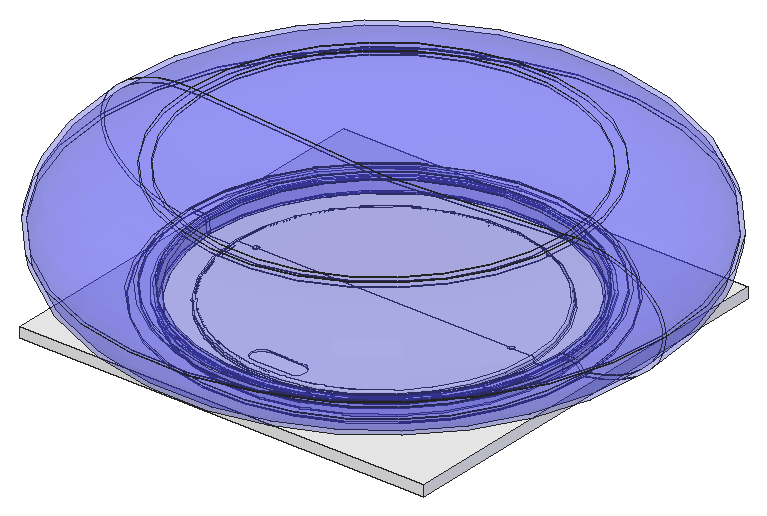
Revit family "BE_12162_de_DE", category Leuchten, Revit 2020
Family settings
  Basisbauteil = Fläche
  Bemaßung runder Anschluss = Durchmesser verwenden
  Teiletyp = Normal
  Beim Laden mit Abzugskörper schneiden = Ja
  Lichtquelle = Ja
  Gemeinsam genutzt = Nein
  Raumberechnungspunkt = Ja
Parameters (values of type "BEGA_12162_K3")
  built-in parameter 1150104 = 12.104 (stored number, unit not read)
  Wattage = 37.8 W
  Default Elevation = 0 mm
  built-in parameter 1150113 = 1 (stored number, unit not read)
  built-in parameter 1114218 = 1 (stored number, unit not read)
  Umgebungstemperatur = ""
  URL = "http://www.bega.de/de/produkt/12162"
  Typenkommentare = "© 2022 BEGA. Wir behalten uns das Recht vor, technische Änderungen ohne vorherige Ankündigung vorzunehmen."  # constant formula
  built-in parameter 1150134 = 12
  built-in parameter 1150109 = 1 (stored number, unit not read)
  Strom = ""
  built-in parameter 1150110 = 1 (stored number, unit not read)
  Spannung = 239.996 V
  Sonderanfertigung = no
  Seriennummer [instance] = "Hier können Sie die eindeutige Seriennummer für das Facility Management eintragen."
  Schutzklasse = "I"
  Schutzart = "IP 20"
  Scheinlast = 0 VA
  Produktdatenblatt = "http://www.bega.de/download/Xrfa/db/12162.db.de.pdf"
  Oberflächentemperatur = ""
  Neigungswinkel = 0.00°
  Model = "12162K4"
  Material_17 = BEGA_Reflektor
  Material_15 = BEGA_Leuchtmedium_matt
  Material_11 = BEGA_Glas_opal
  Material_09 = BEGA_Glas_klar
  Material_06 = BEGA_Oberfläche_Edelstahl_gebürstet
  Material_05 = BEGA_Oberfläche_Aluminium Guss
  Material_03 = BEGA_Oberfläche_Weiss_matt
  Material_02 = BEGA_Oberfläche_Silber_matt
  Material_01 [instance] = BEGA_Oberfläche_Grafit_matt
  M_W = no
  M_G = no
  M_A = no
  Logo = 0
  built-in parameter 1114217 = 1 (stored number, unit not read)
  built-in parameter 1150139 = (empty or 0)
  built-in parameter 1150105 = 1256.6 (stored number, unit not read)
  built-in parameter 1150114 = 1 (stored number, unit not read)
  Lumens = 4924.96 lm
  built-in parameter 1150115 = 1 (stored number, unit not read)
  Leuchtenlichtstrom = "3498 lm"
  Leuchtenanzahl = ""
  Lebensdauerkriterien = "L70B50 @ 25 °C = 152000 h"
  Lastklassifizierung = Beleuchtung
  built-in parameter 1150112 = 1 (stored number, unit not read)
  Lampenlichtstrom = "4925 lm"
  Lamp = "LED 37.8 W"
  LED_Modulbezeichnung = "LED-0531/940"
  Hersteller = "BEGA"  # constant formula
  Halbstreuwinkel = ""
  Gewicht = "7.5 kg"
  Gebrauchslageneinschränkung [instance] = ""
  Frequenz = "0/50-60 Hz"
  Farbwiedergabeindex = "CRI > 90"
  Farbtemperaturverschiebung bei Dämpfen der Lampe = <Keine Auswahl>
  Farbtemperatur = "4000 K"
  Color Filter = 16777215
  built-in parameter 1150133 = 10 (stored number, unit not read)
  Energieeffizienzklasse = "LED A++ - A"
  built-in parameter 1150137 = (empty or 0)
  built-in parameter 1150132 = (empty or 0)
  ENEC = "ja"
  Dimmbar [instance] = "DALI"
  Photometric Web File = "BE_12162K4.IES"
  CE_Konformität = "ja"
  Bestellnummer = "12162K4"
  Beschreibung_Sonderanfertigung = "Hier können Sie Informationen zur Sonderanfertigung eintragen."
  Beschreibung = "Decken- und Wandleuchte"
  built-in parameter 1150106 = 12.566 (stored number, unit not read)
  Befestigungsbohrung = "Ø 5,5 mm"
  Befestigungsabstand = "253 mm"
  Ballwurfsicher = ""
  BEGA_Intern_aus = yes
  BEGA_Intern_an = yes
  BEGA_Intern_Konstruktion = yes
  BEGA_Intern = yes
  BEGA_IES = yes
  BEGA_Dummy = no
  Anschlussleitung = ""
  Anschlussleistung [instance] = "42.6 W"
  Anschlusskasten = ""
  built-in parameter 1150107 = 4000 (stored number, unit not read)
  built-in parameter 1150102 = (empty or 0)
  built-in parameter 1150138 = (empty or 0)
  Aktualisierung = "2019-07-05T04:00:16"
  Abstand_zur_angestrahlten_Fläche [instance] = ""
  AC/DC = "AC/DC"
Reference planes
  plane 1 "Mitte (Vorne/Hinten)": y = 0
  plane 2: z = 0
  plane 3 "Mitte (Links/Rechts)": x = 0
  plane 4 "Links": x = -280
  plane 5 "Rechts": x = 280
  plane 6 "Unten": y = -280
  plane 7 "Oben": y = 280
  plane 8 "Vorne": z = 127.482
  plane 9 "Hinten": z = 0
Forms (mm)
  Extrusion 1, solid, material "BEGA_Platte_Weiss"
    sketch origin (0, -1119.2, 0) x (1, 0, 0) y (0, 1, 0)
      loop
        line (-200, 1319.2) -> (-200, 919.2) -> (200, 919.2) -> (200, 1319.2) -> (-200, 1319.2)
    from 0 to -10
  Extrusion 2, solid, material "BEGA_Dummy_matt", visible <- "BEGA_Dummy"
    sketch origin (77.149, -76.023, 0) x (1, 0, 0) y (0, 1, 0)
      loop
        circle (-77.149, 76.023) r 280
    from 0 to 127.482
Dimensions and locks
  plane 1 "Mitte (Vorne/Hinten)" to Extrusion 1 = 200 mm
  aligned and locked: plane 2 to Extrusion 1
  aligned and locked: level to Extrusion 1
Nested families
  nested 1: "BE_12162" at (0, 0, 0), type "BE_12162"
Connectors
  electrical at (0, 0, 0), driven by "Lastklassifizierung", driven by "Spannung", driven by "Scheinlast"
    settings: index 1, voltage 239.996 V, apparent load 0 VA, apparent load phase1 0 VA, apparent load phase2 0 VA, apparent load phase3 0 VA, power factor 1, load classification "Beleuchtung", number of poles 1, system type 31, power factor state 1, is connector primary yes, connector utility no, sub classification motor no, connector description ""
Definition of nested family "BE_12162"
  Parameters (values of type "BE_12162")
    Default Elevation = 1 mm
    URL = "http://www.bega.de/de/produkt"
    Type Comments = "© 2015 BEGA. Wir behalten uns das Recht vor, technische Änderungen ohne vorherige Ankündigung vorzunehmen. "  # constant formula
    Type Image = (empty or 0)
    Neigungswinkel_um_Z2 = 0.00°
    Neigungswinkel_um_Z1 = 0.00°
    Neigungswinkel_um_Y2 = 0.00°
    Neigungswinkel_um_Y1 = 0.00°
    Neigungswinkel_um_X2 = 0.00°
    Neigungswinkel_um_X1 = 0.00°
    Material_17 = none
    Material_15 = none
    Material_11 = none
    Material_09 = none
    Material_06 = none
    Material_05 = none
    Material_03 = none
    Material_02 = none
    Material_01 = none
    M_W = yes
    M_G = yes
    M_A = yes
    Länge_Platte = 700 mm  # constant formula
    Höhe_Platte = -10 mm  # constant formula
    Manufacturer = "BEGA"  # constant formula
    Drehwinkel_um_Z2 = 0.00°
    Drehwinkel_um_Z1 = 0.00°
    Breite_Platte = 700 mm  # constant formula
  Reference planes
    plane 1 "Mitte (Oben/Unten)": y = 0
    plane 2: z = 0
    plane 3 "Mitte (Links/Rechts)": x = 0
    plane 4: x = 280
    plane 5: z = 127.482
    plane 6: x = -280
    plane 7: y = -280
    plane 8: y = 280
  Forms (mm)
    Extrusion 1, solid, detail levels medium
      sketch origin (0, 0, 0) x (1, 0, 0) y (0, 1, 0)
        loop
          line (-350, 350) -> (-350, -350) -> (350, -350) -> (350, 350) -> (-350, 350)
      from 0 to -10 <- "Höhe_Platte"
    Revolve 2, solid, material <- "Material_03", detail levels medium+fine
      sketch origin (0, 0, 0) x (1, 0, 0) y (0, 0, 1)
        loop
          line (-174.56, 1.5) -> (-148.966, 1.5)
          arc (-148.966, 1.5) -> (-147.403, 2.131) -> (-146.717, 3.671) r 2.25
          line (-146.717, 3.671) -> (-146.652, 5.536)
          arc (-146.652, 5.536) -> (-146.351, 6.216) -> (-145.665, 6.5) r 1
          line (-145.665, 6.5) -> (0, 6.5) -> (0, 7.75) -> (-145.67, 7.75)
          arc (-145.67, 7.75) -> (-147.222, 7.113) -> (-147.901, 5.579) r 2.25
          line (-147.901, 5.579) -> (-147.969, 3.663)
          arc (-147.969, 3.663) -> (-148.29, 3.013) -> (-148.966, 2.75) r 1
          line (-148.966, 2.75) -> (-174.56, 2.75)
          arc (-174.56, 2.75) -> (-175.234, 3.011) -> (-175.556, 3.658) r 1
          line (-175.556, 3.658) -> (-176.5, 14.446)
          arc (-176.5, 14.446) -> (-177.221, 15.909) -> (-178.741, 16.5) r 2.25
          line (-178.741, 16.5) -> (-180.75, 16.5) -> (-180.75, 15.25) -> (-178.739, 15.25)
          arc (-178.739, 15.25) -> (-178.065, 14.987) -> (-177.745, 14.337) r 1
          line (-177.745, 14.337) -> (-176.801, 3.545)
          arc (-176.801, 3.545) -> (-176.077, 2.088) -> (-174.56, 1.5) r 2.25
        axis (0, 16.5) -> (0, 1.5)
      angle from 0 to 360
    Revolve 3, solid, material <- "Material_11", detail levels medium+fine
      sketch origin (0, 0, 0) x (1, 0, 0) y (0, 0, 1)
        loop
          arc (-179.318, 126.662) -> (-184.53, 127.144) -> (-189.757, 127.415) r 130.189
          spline (-189.757, 127.415) -> (-201.28, 127.276) -> (-212.675, 126.129) -> (-223.736, 123.994) -> (-234.264, 120.911) -> (-244.069, 116.934) -> (-252.974, 112.136) -> (-260.82, 106.603) -> (-267.464, 100.434) -> (-272.786, 93.741) -> (-276.692, 86.645) -> (-279.109, 79.273) -> (-279.996, 71.759)
          spline (-279.996, 71.759) -> (-279.441, 64.433) -> (-277.563, 57.195) -> (-274.386, 50.138) -> (-269.952, 43.352) -> (-264.317, 36.924) -> (-257.553, 30.937) -> (-249.747, 25.468) -> (-241, 20.587) -> (-231.424, 16.357) -> (-221.141, 12.831) -> (-210.285, 10.056) -> (-198.993, 8.067)
          arc (-198.993, 8.067) -> (-198.54, 8.109) -> (-198.152, 8.348) r 1
          line (-198.152, 8.348) -> (-190.293, 16.207)
          arc (-190.293, 16.207) -> (-189.969, 16.423) -> (-189.588, 16.5) r 1
          line (-189.588, 16.5) -> (-176.617, 16.5)
          arc (-176.617, 16.5) -> (-175.942, 16.237) -> (-175.62, 15.587) r 1
          line (-175.62, 15.587) -> (-174.65, 4.5) -> (-170.635, 4.5) -> (-171.634, 15.919)
          arc (-171.634, 15.919) -> (-173.232, 19.181) -> (-176.616, 20.5) r 5
          line (-176.616, 20.5) -> (-189.586, 20.5)
          arc (-189.586, 20.5) -> (-191.499, 20.119) -> (-193.121, 19.036) r 5
          line (-193.121, 19.036) -> (-199.916, 12.241)
          spline (-199.916, 12.241) -> (-210.723, 14.175) -> (-221.092, 16.855) -> (-230.885, 20.238) -> (-239.966, 24.281) -> (-248.22, 28.915) -> (-255.535, 34.065) -> (-261.812, 39.655) -> (-266.99, 45.593) -> (-271.022, 51.785) -> (-273.868, 58.142) -> (-275.525, 64.6) -> (-276, 71.099)
          spline (-276, 71.099) -> (-275.322, 77.862) -> (-273.237, 84.556) -> (-269.739, 91.092) -> (-264.86, 97.354) -> (-258.659, 103.204) -> (-251.225, 108.511) -> (-242.699, 113.158) -> (-233.237, 117.031) -> (-223.021, 120.05) -> (-212.25, 122.148) -> (-201.129, 123.277) -> (-189.874, 123.417)
          arc (-189.874, 123.417) -> (-184.793, 123.152) -> (-179.727, 122.683) r 126.189
          spline (-179.727, 122.683) -> (-164.861, 121.029) -> (-149.965, 119.518) -> (-135.043, 118.151) -> (-120.098, 116.926) -> (-105.132, 115.846) -> (-90.147, 114.909) -> (-75.147, 114.115) -> (-60.133, 113.466) -> (-45.109, 112.961) -> (-30.077, 112.6) -> (-15.04, 112.384) -> (0, 112.312)
          line (0, 112.312) -> (0, 116.312)
          spline (0, 116.312) -> (-15.006, 116.384) -> (-30.009, 116.6) -> (-45.007, 116.96) -> (-59.997, 117.464) -> (-74.976, 118.112) -> (-89.943, 118.903) -> (-104.893, 119.839) -> (-119.825, 120.917) -> (-134.736, 122.139) -> (-149.624, 123.504) -> (-164.485, 125.012) -> (-179.318, 126.662)
        axis (0, 127.415) -> (0, 4.5)
      angle from 0 to 360
    Revolve 4, solid, material <- "Material_03", detail levels medium+fine
      sketch origin (0, 0, 0) x (1, 0, 0) y (0, 0, 1)
        loop
          arc (-168.97, 2.123) -> (-165.643, 0.543) -> (-162, 0) r 12.498
          line (-162, 0) -> (-162, 2.123) -> (-168.97, 2.123)
        axis (-162, 0) -> (-162, 2.123)
      angle from 0 to 360
    Extrusion 5, void
      sketch origin (0, 0, 0) x (1, 0, 0) y (0, 1, 0)
        loop
          circle (-126.5, 0) r 2.75
        loop
          arc (17, -140) -> (27, -130) -> (17, -120) r 10
          line (17, -120) -> (-17, -120)
          arc (-17, -120) -> (-27, -130) -> (-17, -140) r 10
          line (-17, -140) -> (17, -140)
        loop
          circle (126.5, 0) r 2.75
      from 0 to 10
    Revolve 6, solid, material <- "Material_03", detail levels medium+fine
      sketch origin (0, 0, 0) x (0, -1, 0) y (0, 0, 1)
        loop
          arc (-168.97, 2.123) -> (-165.643, 0.543) -> (-162, 0) r 12.498
          line (-162, 0) -> (-162, 2.123) -> (-168.97, 2.123)
        axis (-162, 0) -> (-162, 2.123)
      angle from 0 to 360
    Revolve 7, solid, material <- "Material_03", detail levels medium+fine
      sketch origin (0, 0, 0) x (0, 1, 0) y (0, 0, 1)
        loop
          arc (-168.97, 2.123) -> (-165.643, 0.543) -> (-162, 0) r 12.498
          line (-162, 0) -> (-162, 2.123) -> (-168.97, 2.123)
        axis (-162, 0) -> (-162, 2.123)
      angle from 0 to 360
    Revolve 8, solid, material <- "Material_03", detail levels medium+fine
      sketch origin (0, 0, 0) x (-1, 0, 0) y (0, 0, 1)
        loop
          arc (-168.97, 2.123) -> (-165.643, 0.543) -> (-162, 0) r 12.498
          line (-162, 0) -> (-162, 2.123) -> (-168.97, 2.123)
        axis (-162, 0) -> (-162, 2.123)
      angle from 0 to 360
  Cuts and joins
    Extrusion 5 cuts Revolve 2
    Extrusion 5 cuts Revolve 4
    joined: Revolve 2, Revolve 4, Revolve 6, Revolve 7, Revolve 8
  Dimensions and locks
    equal spacing: Extrusion 1 sketch curve, plane 3 "Mitte (Links/Rechts)", Extrusion 1 sketch curve
    equal spacing: Extrusion 1 sketch curve, plane 1 "Mitte (Oben/Unten)", Extrusion 1 sketch curve
    "Länge_Platte": Extrusion 1 sketch curve to Extrusion 1 sketch curve
    "Breite_Platte": Extrusion 1 sketch curve to Extrusion 1 sketch curve
    aligned and locked: Extrusion 1 to plane 2
    aligned and locked: level to Extrusion 1
  Automatic sketch dimensions
    Revolve 4 sketch curve to Revolve 4 sketch curve = 6.969 mm
    Revolve 4 sketch curve to Revolve 4 sketch curve = 6.97 mm
    Revolve 4 sketch curve to Revolve 4 sketch curve = 2.123 mm
    Revolve 4 sketch curve to Revolve 4 sketch curve = 0 mm
    Revolve 4 sketch curve to Revolve 4 sketch curve = 0.59 mm
    Revolve 4 sketch curve to Revolve 4 sketch curve = 1.377 mm
    Revolve 2 sketch curve to Revolve 2 sketch curve = 0 mm  (x25)
    Revolve 2 sketch curve to plane 3 "Mitte (Links/Rechts)" = 0 mm  (x2)
    level to Revolve 2 sketch curve = 3.75 mm
    level to Revolve 2 sketch curve = 3.658 mm
    Revolve 2 sketch curve to Revolve 2 sketch curve = 0.996 mm  (x3)
    level to Revolve 2 sketch curve = 3.545 mm
    Revolve 2 sketch curve to Revolve 2 sketch curve = 1.245 mm
    Revolve 2 sketch curve to Revolve 2 sketch curve = 1.938 mm
    Revolve 2 sketch curve to Revolve 2 sketch curve = 0.002 mm
    Revolve 2 sketch curve to Revolve 2 sketch curve = 2.011 mm
    Revolve 2 sketch curve to Revolve 2 sketch curve = 1.25 mm  (x3)
    Revolve 2 sketch curve to Revolve 2 sketch curve = 10.705 mm
    Revolve 2 sketch curve to Revolve 2 sketch curve = 1 mm
    Revolve 2 sketch curve to Revolve 2 sketch curve = 2.241 mm
    level to Revolve 2 sketch curve = 14.337 mm
    Revolve 2 sketch curve to Revolve 2 sketch curve = 0.25 mm
    Revolve 2 sketch curve to Revolve 2 sketch curve = 3.301 mm
    Revolve 2 sketch curve to Revolve 2 sketch curve = 25.595 mm
    Revolve 2 sketch curve to Revolve 2 sketch curve = 0.005 mm
    level to Revolve 2 sketch curve = 5.536 mm
    Revolve 2 sketch curve to Revolve 2 sketch curve = 0.987 mm
    Revolve 2 sketch curve to Revolve 2 sketch curve = 0.999 mm
    Revolve 2 sketch curve to Revolve 2 sketch curve = 0.036 mm
    level to Revolve 2 sketch curve = 3.663 mm
    Revolve 2 sketch curve to Revolve 2 sketch curve = 1.249 mm
    level to Revolve 2 sketch curve = 3.671 mm
    Revolve 2 sketch curve to Revolve 2 sketch curve = 1.252 mm
    Revolve 2 sketch curve to Revolve 2 sketch curve = 0.087 mm
    Revolve 6 sketch curve to Revolve 6 sketch curve = 6.969 mm
    Revolve 6 sketch curve to Revolve 6 sketch curve = 6.97 mm
    Revolve 6 sketch curve to Revolve 6 sketch curve = 2.123 mm
    Revolve 6 sketch curve to Revolve 6 sketch curve = 0 mm
    Revolve 6 sketch curve to Revolve 6 sketch curve = 0.59 mm
    Revolve 6 sketch curve to Revolve 6 sketch curve = 1.377 mm
    Revolve 7 sketch curve to Revolve 7 sketch curve = 6.969 mm
    Revolve 7 sketch curve to Revolve 7 sketch curve = 6.97 mm
    Revolve 7 sketch curve to Revolve 7 sketch curve = 2.123 mm
    Revolve 7 sketch curve to Revolve 7 sketch curve = 0 mm
    Revolve 7 sketch curve to Revolve 7 sketch curve = 0.59 mm
    Revolve 7 sketch curve to Revolve 7 sketch curve = 1.377 mm
    Revolve 8 sketch curve to Revolve 8 sketch curve = 6.969 mm
    Revolve 8 sketch curve to Revolve 8 sketch curve = 6.97 mm
    Revolve 8 sketch curve to Revolve 8 sketch curve = 2.123 mm
    Revolve 8 sketch curve to Revolve 8 sketch curve = 0 mm
    Revolve 8 sketch curve to Revolve 8 sketch curve = 0.59 mm
    Revolve 8 sketch curve to Revolve 8 sketch curve = 1.377 mm
    Revolve 4 sketch curve to level = 0 mm
    Revolve 6 sketch curve to level = 0 mm
    Revolve 7 sketch curve to level = 0 mm
    Revolve 8 sketch curve to level = 0 mm
    plane 1 "Mitte (Oben/Unten)" to Extrusion 5 sketch curve = 0 mm  (x2)
    Extrusion 5 sketch curve to plane 3 "Mitte (Links/Rechts)" = 17 mm
    plane 3 "Mitte (Links/Rechts)" to Extrusion 5 sketch curve = 17 mm
    Extrusion 5 sketch curve to Extrusion 5 sketch curve = 10 mm
    Revolve 3 sketch curve to plane 3 "Mitte (Links/Rechts)" = 0 mm  (x3)
    level to Revolve 3 sketch curve = 4.5 mm
    level to Revolve 3 sketch curve = 15.919 mm
    Revolve 3 sketch curve to Revolve 3 sketch curve = 0.999 mm
    Revolve 3 sketch curve to Revolve 3 sketch curve = 4.015 mm
    Revolve 3 sketch curve to Revolve 3 sketch curve = 4.982 mm
    Revolve 3 sketch curve to Revolve 3 sketch curve = 0.001 mm  (x4)
    Revolve 3 sketch curve to Revolve 3 sketch curve = 12.968 mm
    Revolve 3 sketch curve to Revolve 3 sketch curve = 0 mm  (x13)
    Revolve 3 sketch curve to Revolve 3 sketch curve = 0.002 mm  (x2)
    Revolve 3 sketch curve to level = 2.707 mm
    Revolve 3 sketch curve to Revolve 3 sketch curve = 4.317 mm
    level to Revolve 3 sketch curve = 8.348 mm
    Revolve 3 sketch curve to Revolve 3 sketch curve = 8.566 mm
    Revolve 3 sketch curve to Revolve 3 sketch curve = 0.704 mm
    level to Revolve 3 sketch curve = 12.241 mm
    Revolve 3 sketch curve to Revolve 3 sketch curve = 1.06 mm
    Revolve 3 sketch curve to Revolve 3 sketch curve = 0.71 mm
    Revolve 3 sketch curve to Revolve 3 sketch curve = 3.259 mm
    Revolve 3 sketch curve to Revolve 3 sketch curve = 0.419 mm
    Revolve 3 sketch curve to Revolve 3 sketch curve = 1 mm  (x2)
    Revolve 3 sketch curve to Revolve 3 sketch curve = 4 mm
    Revolve 3 sketch curve to Revolve 3 sketch curve = 102.917 mm
    level to Revolve 3 sketch curve = 15.587 mm
    Revolve 3 sketch curve to Revolve 3 sketch curve = 0.996 mm
    Revolve 3 sketch curve to Revolve 3 sketch curve = 13.436 mm
    Revolve 3 sketch curve to Revolve 3 sketch curve = 10.556 mm
    Revolve 3 sketch curve to Revolve 3 sketch curve = 0.409 mm
    Revolve 3 sketch curve to Revolve 3 sketch curve = 0.117 mm
    Revolve 3 sketch curve to Revolve 3 sketch curve = 0.705 mm
    level to Revolve 3 sketch curve = 16.207 mm
    Revolve 3 sketch curve to Revolve 3 sketch curve = 3.536 mm
    Revolve 3 sketch curve to Revolve 3 sketch curve = 17.719 mm
    Revolve 3 sketch curve to Revolve 3 sketch curve = 0.841 mm
    Revolve 3 sketch curve to Revolve 3 sketch curve = 3.996 mm
    Revolve 3 sketch curve to Revolve 3 sketch curve = 0.004 mm
    Revolve 3 sketch curve to Revolve 3 sketch curve = 3.605 mm
    plane 3 "Mitte (Links/Rechts)" to Revolve 3 sketch curve = 0.001 mm
    Revolve 3 sketch curve to Revolve 3 sketch curve = 2.828 mm
    Revolve 3 sketch curve to Revolve 3 sketch curve = 0.014 mm
    Revolve 2 sketch curve to plane 3 "Mitte (Links/Rechts)" = 145.653 mm
    Revolve 3 sketch curve to plane 3 "Mitte (Links/Rechts)" = 170.635 mm
    Revolve 3 sketch curve to Revolve 3 sketch curve = 0.288 mm
    Revolve 3 sketch curve to Revolve 3 sketch curve = 81.843 mm
    Revolve 4 sketch curve to plane 3 "Mitte (Links/Rechts)" = 168.97 mm
    Extrusion 5 sketch curve to plane 3 "Mitte (Links/Rechts)" = 126.5 mm
    level to Revolve 3 sketch curve = 71.099 mm
    level to Revolve 3 sketch curve = 112.312 mm
    level to Revolve 3 sketch curve = 938.502 mm
    plane 3 "Mitte (Links/Rechts)" to Extrusion 5 sketch curve = 126.5 mm
    plane 3 "Mitte (Links/Rechts)" to Revolve 8 sketch curve = 168.97 mm
    plane 1 "Mitte (Oben/Unten)" to Extrusion 5 sketch curve = 120 mm
    plane 1 "Mitte (Oben/Unten)" to Revolve 7 sketch curve = 168.97 mm
    Revolve 6 sketch curve to plane 1 "Mitte (Oben/Unten)" = 168.97 mm
    radius of Extrusion 5 sketch curve = 2.75 mm  (x2)
